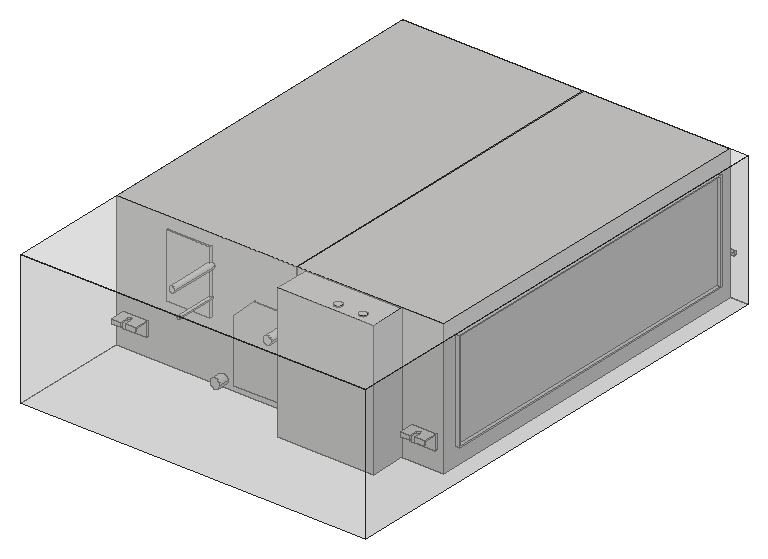
Revit family "outputfile", category 機械設備, Revit 2024
Family settings
  丸型コネクタ寸法 = 半径を使用
  パーツ タイプ = 標準
  OmniClass 番号 = 23.75.10.24.21.27.27
  OmniClass タイトル = Split System Air Conditioning Units
  作業面ベース = いいえ
  常に垂直 = はい
  ロード時にボイドで切り取り = いいえ
  注釈の向きを維持 = いいえ
  共有 = いいえ
  部屋計算ポイント = はい
Parameters (values of type "FXMQ170NVE6")
  製造元 = "Daikin"
  書き出し IFC クラス(タイプ) = "IfcUnitaryEquipmentType"
  定義済み IFC タイプ(タイプ) = "AIRCONDITIONINGUNIT"
  モデル = "FXMQ170NVE6"
  switch_frequency = yes
  lw_suctionflange = 1090 mm
  r_Liquid Pipe Size = Liquid Pipe Size / 2  # 4.75 mm
  r_Gas Pipe Size = Gas Pipe Size / 2  # 9.55 mm
  r_Drain Pipe Size = Drain Pipe Size / 2  # 15.75 mm
  lw_power = 87 mm  # constant formula
  lw_dischargeflange = 947 mm
  lh_power = 443.6 mm  # constant formula
  lh_mountinghole1 = lh_mountinghole + [h***]  # 110 mm
  lh_dischargeflange = 370 mm  # constant formula
  ld_power = 199 mm  # constant formula
  ld_dischargeflange = 30 mm  # constant formula
  connector_voltage = Voltage_50Hz  # 230 V
  connector_powerinput = if([Power Input (Cooling)] > [Power Input (Heating)], [Power Input (Cooling)], [Power Input (Heating)])  # 0.900 kW
  connector_phase = Phase_50Hz  # 1
  Voltage_comment_50Hz = "230"
  Voltage_50Hz = 230 V
  Supply Air Direction [instance] = yes
  Phase_50Hz = 1
  Minimum External Static Pressure = 100.00 Pa
  Minimum Circuit Amps_50Hz = 4.9 A
  Maximum Fuse Amps_50Hz = 15.0 A
  Maximum External Static Pressure = 140.00 Pa
  Material_Casing = DAIKIN_GalvanizedSteel_Casing_indoorunit
  ld_mountinghole = 962 mm  # constant formula
  lh_gaspipe = 96 mm  # constant formula
  lh_mountinghole = 110 mm  # constant formula
  lh_liquidpipe = 191 mm  # constant formula
  lh_drainpipe = 24 mm  # constant formula
  lh_antena = Height - lh_mountinghole + 1 mm  # 336 mm
  ld_drainpipe = 355 mm  # constant formula
  ld_liquidpipe = 317 mm  # constant formula
  ld_gaspipe = 317 mm  # constant formula
  lw_mountinghole = 1244 mm
  h*** = 0 mm  # constant formula
  lw_liquidpipe = 137 mm
  lw_gaspipe = 164 mm
  lw_drainpipe = 33 mm  # constant formula
  Width = 1311 mm
  Version = "ver.1.0"
  Unit Type = "Duct_H.S.P."
  Unit Mass Weight = 110.00 kg
  Unit Designation [instance] = ""
  Uniclass2015Version = "Products v1.30"
  Uniclass2015Title = "Variable refrigerant flow units"
  Uniclass2015Code = "Pr_70_65_03_94"
  Total Heating Capacity [instance] = 0.000 kW
  Total Cooling Capacity [instance] = 0.000 kW
  Sound Pressure Level_L speed (dBA) = 42
  Sound Pressure Level_H speed (dBA) = 45
  Series = "VRV Fan Coil Unit"
  Sensible Cooling Capacity [instance] = 0.000 kW
  SA Duct Size Width = 947 mm
  SA Duct Size Height = 370 mm
  Refrigerant Type = "R410A"
  RA Duct Size Width = 1090 mm
  RA Duct Size Height = 333 mm
  Power Input (Heating) = 0.900 kW
  Power Input (Cooling) = 0.900 kW
  Option Accessory 3 [instance] = ""
  Option Accessory 2 [instance] = ""
  Option Accessory 1 [instance] = ""
  Nominal Heating Capacity = 21.000 kW
  Nominal Cooling Capacity = 19.300 kW
  Minimum Airflow = 3000.00 m³/h
  Median Airflow = 0.00 m³/h
  Maximum Airflow = 3480.00 m³/h
  Load Classification = HVAC
  Liquid Pipe Size = 9.5 mm
  Link_Nested Family [instance] = ""
  IfcVersion = ""
  IfcExportType = "AIRCONDITIONINGUNIT"
  IfcExportAs = "IfcUnitaryEquipmentType"
  Height = 445 mm
  Heating Entering Wet Bulb Temperature [instance] = 0.00 °C
  Heating Entering Dry Bulb Temperature [instance] = 0.00 °C
  Heating Ambient Wet Bulb Temperature [instance] = 0.00 °C
  Heating Ambient Dry Bulb Temperature [instance] = 0.00 °C
  Heat Exchanger Type = "Cross Fin Coil"
  Gas Pipe Size = 19.1 mm
  Frequency_50Hz = 50 Hz
  Fan Type = "Sirocco Fan"
  Fan Drive = "Direct Drive"
  FCU Tag No. [instance] = ""
  Drain Pipe Size = 31.5 mm
  Design Supply Airflow [instance] = 0.00 m³/h
  Design Return Airflow [instance] = 0.00 m³/h
  Design External Static Pressure [instance] = 0.00 Pa
  Depth = 1090 mm
  既定の高さ = 0 mm
  Cooling Entering Wet Bulb Temperature [instance] = 0.00 °C
  Cooling Entering Dry Bulb Temperature [instance] = 0.00 °C
  Cooling Ambient Wet Bulb Temperature [instance] = 0.00 °C
  Cooling Ambient Dry Bulb Temperature [instance] = 0.00 °C
  Clearance visibility [instance] = yes
  Clearance Top = 0 mm
  Clearance Right = 60 mm
  Clearance Rear = 0 mm
  Clearance Left = 0 mm
  Clearance Front = 400 mm
  Clearance Bottom = 0 mm
Reference planes
  plane 1 "Center (Front/Back)": y = 0
  plane 2 "h": z = 0
  plane 3 "Center (Left/Right)": x = 0
  plane 4 "Back": y = 596
  plane 5: y = -596
  plane 6 "Left": x = -545
  plane 7 "Reight": x = 545
  plane 8 "Top": z = 0
  plane 9 "Bottom": z = -445
  plane 10 "ld_mountinghole1": y = 622
  plane 11: y = 596
  plane 12: y = -996
  plane 13: x = -545
  plane 14: x = 605
  plane 15: z = 0
  plane 16: z = -445
  plane 17: x = 55
  plane 18 "ld_mountinghole2": y = -622
  plane 19: x = -481
  plane 20: x = 481
  plane 21: x = -545
  plane 22: x = 545
  plane 23 "Front": y = -715
  plane 24 "lh_mountinghole": z = -335
  plane 25: x = -228
  plane 26: x = -228
  plane 27: x = -190
  plane 28 "lh_liquidpipe": z = -191
  plane 29: z = -96
  plane 30: z = -421
  plane 31: y = -733
  plane 32: y = -760
  plane 33: y = -629
  plane 34: y = -683
  plane 35: x = 346
  plane 36: y = -602
  plane 37: y = -651
  plane 38: z = -38
  plane 39: y = 516.5
  plane 40: z = -50
  plane 41: y = 541
Forms (mm)
  Extrusion 1, solid, material "DAIKIN_GalvanizedSteel_Casing_indoorunit" <- "Material_Casing"
    sketch origin (12.25, -160, 0) x (1, 0, 0) y (0, 1, 0)
      loop
        line (42.75, 756) -> (42.75, -436) -> (532.75, -436) -> (532.75, 756) -> (42.75, 756)
    from -445 to 0
  Extrusion 2, solid, material "DAIKIN_GalvanizedSteel_Casing_indoorunit" <- "Material_Casing"
    sketch origin (115, 9, 0) x (1, 0, 0) y (0, 1, 0)
      loop
        line (-660, 587) -> (-660, -605) -> (-60, -605) -> (-60, 587) -> (-660, 587)
    from -445 to 0
  Extrusion 3, solid, material "DAIKIN_GalvanizedSteel_Casing_indoorunit" <- "Material_Casing"
    sketch origin (0, -900, 0) x (1, 0, 0) y (0, 0, 1)
      loop
        line (87.5, -1.4) -> (87.5, -445) -> (405.5, -445) -> (405.5, -1.4) -> (87.5, -1.4)
    from -304 to -185
  Extrusion 4, solid, material "DAIKIN_GalvanizedSteel_Casing_indoorunit" <- "Material_Casing"
    sketch origin (-1374.64, -596, 1200) x (-1, 0, 0) y (0, 0, 1)
      loop
        circle (-1146.64, -1391) r 4.75
    from 0 to -137
  Extrusion 5, solid, material "DAIKIN_GalvanizedSteel_Casing_indoorunit" <- "Material_Casing"
    sketch origin (-1374.64, -596, 1200) x (-1, 0, 0) y (0, 0, 1)
      loop
        circle (-1146.64, -1296) r 9.55
    from 0 to -164
  Extrusion 6, solid, material "DAIKIN_GalvanizedSteel_Casing_indoorunit" <- "Material_Casing"
    sketch origin (-1374.64, -596, 1200) x (-1, 0, 0) y (0, 0, 1)
      loop
        circle (-1184.64, -1621) r 15.75
    from 0 to -33
  Extrusion 7, solid, material "DAIKIN_GalvanizedSteel_Casing_indoorunit" <- "Material_Casing"
    sketch origin (0, 0, 0) x (1, 0, 0) y (0, 0, 1)
      loop
        line (-373, -38) -> (-373, -250) -> (-228, -250) -> (-228, -38) -> (-373, -38)
    from 596 to 602
  Extrusion 8, solid, material "DAIKIN_GalvanizedSteel_Casing_indoorunit" <- "Material_Casing"
    sketch origin (0, 0, 0) x (1, 0, 0) y (0, 0, 1)
      loop
        line (-84, -152.5) -> (-149, -217.5) -> (-149, -424.5) -> (42.6, -424.5) -> (42.6, -152.5) -> (-84, -152.5)
    from 596 to 602
  Extrusion 9, solid, material "DAIKIN_GalvanizedSteel_Casing_indoorunit" <- "Material_Casing"
    sketch origin (0, 0, 0) x (1, 0, 0) y (0, 0, 1)
      loop
        circle (2, -215) r 13.75
    from 596 to 651
  Extrusion 10, solid, material "DAIKIN_GalvanizedSteel_Casing_indoorunit" <- "Material_Casing"
    sketch origin (0, 0, 0) x (1, 0, 0) y (0, 1, 0)
      loop
        circle (346, -683) r 12.4
      loop
        circle (263, -683) r 12.4
    from -1.4 to -152.5
Cuts and joins
  joined: Extrusion 8, Extrusion 9
  joined: Extrusion 4, Extrusion 5, Extrusion 7
Dimensions and locks
  "Height": plane 8 "Top" to plane 9 "Bottom"
  equal spacing: plane 6 "Left", plane 3 "Center (Left/Right)", plane 7 "Reight"
  "Clearance Left": plane 13 to plane 6 "Left"
  "Clearance Right": plane 7 "Reight" to plane 14
  "Clearance Rear": plane 11 to plane 4 "Back"
  "Clearance Front": plane 5 to plane 12
  "Clearance Top": plane 15 to plane 8 "Top"
  "Clearance Bottom": plane 9 "Bottom" to plane 16
  equal spacing: plane 18 "ld_mountinghole2", plane 1 "Center (Front/Back)", plane 10 "ld_mountinghole1"
  "lw_mountinghole": plane 18 "ld_mountinghole2" to plane 10 "ld_mountinghole1"
  equal spacing: plane 19, plane 3 "Center (Left/Right)", plane 20
  "ld_mountinghole": plane 19 to plane 20
  "Depth": plane 6 "Left" to plane 7 "Reight"
  plane 21 to plane 22 = 1090 mm
  equal spacing: plane 21, plane 3 "Center (Left/Right)", plane 22
  plane 4 "Back" to plane 5 = 1192 mm
  equal spacing: plane 4 "Back", plane 1 "Center (Front/Back)", plane 5
  "lh_mountinghole": plane 24 "lh_mountinghole" to plane 9 "Bottom"
  locked: plane 5 to plane 23 "Front" at 119
  locked: plane 21 to plane 17 at 600
  "ld_liquidpipe": plane 21 to plane 25
  "ld_gaspipe": plane 21 to plane 26
  "ld_drainpipe": plane 21 to plane 27
  "lh_liquidpipe": plane 8 "Top" to plane 28 "lh_liquidpipe"
  "lh_gaspipe": plane 8 "Top" to plane 29
  "lh_drainpipe": plane 30 to plane 9 "Bottom"
  "lw_liquidpipe": plane 5 to plane 31
  "lw_gaspipe": plane 5 to plane 32
  "lw_drainpipe": plane 5 to plane 33
  "lw_power": plane 5 to plane 34
  "ld_power": plane 35 to plane 22
  "Width": plane 4 "Back" to plane 23 "Front"
  locked: plane 8 "Top" to Extrusion 7 sketch curve at 38
  locked: Extrusion 7 sketch curve to Extrusion 7 sketch curve at 212
  locked: plane 26 to Extrusion 7 sketch curve at 145
  locked: plane 5 to plane 36 at 6
  locked: Extrusion 8 sketch curve to plane 9 "Bottom" at 20.5
  locked: Extrusion 8 sketch curve to Extrusion 8 sketch curve at 272
  locked: Extrusion 8 sketch curve to plane 21 at 396
  locked: Extrusion 8 sketch curve to Extrusion 8 sketch curve at 191.6
  locked: plane 8 "Top" to Extrusion 8 sketch curve at 217.5
  locked: Extrusion 8 sketch curve to plane 21 at 461
  locked: Extrusion 3 sketch curve to plane 9 "Bottom" at 443.6
  locked: plane 22 to Extrusion 3 sketch curve at 139.5
  locked: Extrusion 3 sketch curve to Extrusion 3 sketch curve at 318
  locked: plane 5 to plane 37 at 55
  Extrusion 10 sketch curve to Extrusion 10 sketch curve to plane 22 = 83 mm locked, 199 mm locked
  locked: plane 8 "Top" to plane 38 at 38
  locked: plane 4 "Back" to plane 39 at 79.5
  plane 8 "Top" to plane 40 = 50 mm
  locked: plane 4 "Back" to plane 41 at 55
  locked: level to plane 40 at 50
  "r_Liquid Pipe Size": radius of Extrusion 4 sketch curve
  "r_Gas Pipe Size": radius of Extrusion 5 sketch curve
  "r_Drain Pipe Size": radius of Extrusion 6 sketch curve
  aligned and locked: level to plane 2 "h"
  aligned and locked: plane 8 "Top" to Extrusion 1
  aligned and locked: Extrusion 1 to plane 9 "Bottom"
  aligned and locked: nested 2 to plane 12
  aligned and locked: plane 13 to nested 2
  aligned and locked: plane 14 to nested 2
  aligned and locked: nested 2 to plane 13
  aligned and locked: plane 11 to nested 2
  aligned and locked: plane 15 to nested 2
  aligned and locked: plane 16 to nested 2
  aligned and locked: Extrusion 1 to plane 17
  aligned and locked: Extrusion 2 sketch curve to plane 4 "Back"
  aligned and locked: Extrusion 2 sketch curve to plane 17
  aligned and locked: plane 5 to Extrusion 2 sketch curve
  aligned and locked: plane 10 "ld_mountinghole1" to nested 5
  aligned and locked: plane 19 to nested 5
  aligned and locked: nested 4 to plane 18 "ld_mountinghole2"
  aligned and locked: plane 19 to nested 4
  aligned and locked: nested 3 to plane 20
  aligned and locked: nested 3 to plane 18 "ld_mountinghole2"
  aligned and locked: plane 10 "ld_mountinghole1" to nested 6
  aligned and locked: nested 6 to plane 20
  aligned and locked: nested 1 to plane 3 "Center (Left/Right)"
  aligned and locked: plane 1 "Center (Front/Back)" to nested 1
  aligned and locked: level to plane 8 "Top"
  aligned and locked: Extrusion 2 to plane 21
  aligned and locked: plane 22 to Extrusion 1
  aligned and locked: plane 4 "Back" to Extrusion 1
  aligned and locked: Extrusion 1 to plane 5
  aligned and locked: plane 8 "Top" to Extrusion 2
  aligned and locked: plane 5 to Extrusion 3
  aligned and locked: Extrusion 3 to plane 23 "Front"
  aligned and locked: plane 28 "lh_liquidpipe" to Extrusion 4 sketch curve
  aligned and locked: plane 25 to Extrusion 4 sketch curve
  aligned and locked: plane 5 to Extrusion 4
  aligned and locked: Extrusion 4 to plane 31
  aligned and locked: plane 29 to Extrusion 5 sketch curve
  aligned and locked: plane 26 to Extrusion 5 sketch curve
  aligned and locked: Extrusion 5 to plane 32
  aligned and locked: plane 30 to Extrusion 6 sketch curve
  aligned and locked: plane 27 to Extrusion 6 sketch curve
  aligned and locked: plane 5 to Extrusion 5
  aligned and locked: plane 5 to Extrusion 6
  aligned and locked: Extrusion 6 to plane 33
  aligned and locked: plane 25 to nested 7
  aligned and locked: nested 7 to plane 31
  aligned and locked: nested 7 to plane 28 "lh_liquidpipe"
  aligned and locked: plane 26 to nested 8
  aligned and locked: nested 8 to plane 32
  aligned and locked: nested 8 to plane 29
  aligned and locked: plane 27 to nested 9
  aligned and locked: nested 9 to plane 33
  aligned and locked: nested 9 to plane 30
  aligned and locked: plane 35 to nested 10
  aligned and locked: nested 10 to plane 34
  aligned and locked: plane 4 "Back" to nested 11
  aligned and locked: plane 19 to nested 11
  aligned and locked: nested 12 to plane 5
  aligned and locked: plane 20 to nested 12
  aligned and locked: plane 4 "Back" to nested 13
  aligned and locked: nested 13 to plane 20
  aligned and locked: nested 14 to plane 5
  aligned and locked: nested 14 to plane 19
  aligned and locked: Extrusion 2 to Extrusion 1
  aligned and locked: plane 24 "lh_mountinghole" to nested 11
  aligned and locked: plane 24 "lh_mountinghole" to nested 14
  aligned and locked: plane 24 "lh_mountinghole" to nested 12
  aligned and locked: plane 24 "lh_mountinghole" to nested 13
  aligned and locked: Extrusion 7 sketch curve to plane 25
  aligned and locked: plane 5 to Extrusion 7
  aligned and locked: Extrusion 7 to plane 36
  aligned and locked: plane 5 to Extrusion 8
  aligned and locked: Extrusion 8 to plane 36
  aligned and locked: plane 9 "Bottom" to Extrusion 3 sketch curve
  aligned and locked: plane 5 to Extrusion 9
  aligned and locked: Extrusion 9 to plane 37
  aligned and locked: plane 34 to Extrusion 10 sketch curve  (x2)
  aligned and locked: Extrusion 3 to Extrusion 10
  aligned and locked: cut or joined group of Extrusion 8, Extrusion 9 to Extrusion 10
  aligned and locked: nested 10 to plane 9 "Bottom"
  aligned and locked: plane 38 to nested 15
  aligned and locked: nested 15 to plane 39
  aligned and locked: plane 41 to nested 16
  aligned and locked: plane 40 to nested 16
  aligned and locked: nested 15 to plane 21
  aligned and locked: plane 22 to nested 16
Automatic sketch dimensions
  Extrusion 1 sketch curve to plane 5 = 0 mm
  Extrusion 1 sketch curve to plane 17 = 0 mm
  Extrusion 1 sketch curve to plane 7 "Reight" = 0 mm
  Extrusion 1 sketch curve to plane 4 "Back" = 0 mm
  Extrusion 2 sketch curve to plane 6 "Left" = 0 mm
  plane 3 "Center (Left/Right)" to Extrusion 9 sketch curve = 2 mm
  Extrusion 9 sketch curve to plane 28 "lh_liquidpipe" = 24 mm
  radius of Extrusion 10 sketch curve = 12.4 mm  (x2)
  radius of Extrusion 9 sketch curve = 13.75 mm
Nested families
  nested 1: "daikin_△_symbolicline" at (0, 0, 445) x (0, -1, 0) z (0, 0, 1), built-in parameter 1001364 <- "Height", visible <- "Supply Air Direction", type "daikin_△_symbolicline"
    with length 300 mm
  nested 2: "daikin_clearancespace" at (30, -200, -222.381), visible <- "Clearance visibility", show <- "Clearance visibility", Link_Nested Family <- "Link_Nested Family", type "daikin_clearancespace"
    with width 1150 mm, show yes, height 445 mm, depth 1592 mm, Link_Nested Family ""
  nested 3: "daikin_mountinghole" at (481, -622, -445), l_antenna <- "lh_antena", Link_Nested Family <- "Link_Nested Family", h_mountinghole <- "lh_mountinghole1", type "daikin_mountinghole"
    with show yes, l_antenna 336 mm, h_mountinghole 110 mm, Link_Nested Family ""
  nested 4: "daikin_mountinghole" at (-481, -622, -445), l_antenna <- "lh_antena", Link_Nested Family <- "Link_Nested Family", h_mountinghole <- "lh_mountinghole1", type "daikin_mountinghole"
    with show yes, l_antenna 336 mm, h_mountinghole 110 mm, Link_Nested Family ""
  nested 5: "daikin_mountinghole" at (-481, 622, -445), h_mountinghole <- "lh_mountinghole1", l_antenna <- "lh_antena", Link_Nested Family <- "Link_Nested Family", type "daikin_mountinghole"
    with show yes, l_antenna 336 mm, h_mountinghole 110 mm, Link_Nested Family ""
  nested 6: "daikin_mountinghole" at (481, 622, -445), l_antenna <- "lh_antena", Link_Nested Family <- "Link_Nested Family", h_mountinghole <- "lh_mountinghole1", type "daikin_mountinghole"
    with show yes, l_antenna 336 mm, h_mountinghole 110 mm, Link_Nested Family ""
  nested 7: "daikin_connector_rotate2" at (-228, -596, -191), length <- "lw_liquidpipe", radius <- "r_Liquid Pipe Size", type "daikin_connector_rotate2"
    with radius 4.75 mm, length 137 mm, angle_vertical 90.00°, show_face no
  nested 8: "daikin_connector_rotate2" at (-228, -596, -96), length <- "lw_gaspipe", radius <- "r_Gas Pipe Size", type "daikin_connector_rotate2"
    with radius 9.55 mm, length 164 mm, angle_vertical 90.00°, show_face no
  nested 9: "daikin_connector_rotate2" at (-190, -596, -421), length <- "lw_drainpipe", radius <- "r_Drain Pipe Size", type "daikin_connector_rotate2"
    with radius 15.75 mm, length 33 mm, angle_vertical 90.00°, show_face no
  nested 10: "daikin_connector_rotate2" at (346, -683, -445) x (1, 0, 0) z (0, -1, 0), length <- "lh_power", type "daikin_connector_rotate2"
    with radius 10 mm, length 443.6 mm, angle_vertical 270.00°, show_face no
  nested 11: "daikin_hangerfixture_FXMQ-NVE6" at (-481, 596, -335) x (0, 1, 0) z (0, 0, 1), type "daikin_hangerfixture_FXMQ-NVE6"
  nested 12: "daikin_hangerfixture_FXMQ-NVE6" at (481, -596, -335) x (0, -1, 0) z (0, 0, 1), type "daikin_hangerfixture_FXMQ-NVE6"
  nested 13: "daikin_hangerfixture_FXMQ-NVE6" at (481, 596, -335) x (0, 1, 0) z (0, 0, 1), type "daikin_hangerfixture_FXMQ-NVE6"
  nested 14: "daikin_hangerfixture_FXMQ-NVE6" at (-481, -596, -335) x (0, -1, 0) z (0, 0, 1), type "daikin_hangerfixture_FXMQ-NVE6"
  nested 15: "daikin_ductflange_FXMQ-NVE6" at (-545, 43, -408) x (0, -1, 0) z (0, 0, 1), width <- "lw_dischargeflange", depth <- "ld_dischargeflange", height <- "lh_dischargeflange", type "daikin_ductflange_FXMQ-NVE6"
    with width 947 mm, material DAIKIN_GalvanizedSteel_Casing_indoorunit, height 370 mm, depth 30 mm
  nested 16: "daikin_ductflange_FXMQ-NVE6" at (545, -4, -383) x (0, 1, 0) z (0, 0, 1), width <- "lw_suctionflange", type "daikin_ductflange_FXMQ-NVE6"
    with width 1090 mm, material DAIKIN_GalvanizedSteel_Casing_indoorunit, height 333 mm, depth 15 mm
Connectors
  piping at (-228, -733, -191), diameter 9.5, driven by "r_Liquid Pipe Size"
    settings: on nested 7, index 3, connector inside diameter 609.6 mm, connector length 0 mm, flow factor 0, pipe flow 0.00 m³/h, pressure drop 0.0 Pa, fitting loss kfactor 0, connector angle 0.00°, fixture units 0, engagement length 0 mm, angle of deflection 0.00°, flow configuration 1, flow direction 1, fitting loss method 0, system type 29, joint type 0, gender type 0, connector reference index -1, connector utility 0, adjustable connector no, is connector primary yes, connector description "Refrigerant Liquid Piping"
  piping at (-228, -760, -96), diameter 19.1, driven by "r_Gas Pipe Size"
    settings: on nested 8, index 4, connector inside diameter 609.6 mm, connector length 0 mm, flow factor 0, pipe flow 0.00 m³/h, pressure drop 0.0 Pa, fitting loss kfactor 0, connector angle 0.00°, fixture units 0, engagement length 0 mm, angle of deflection 0.00°, flow configuration 1, flow direction 2, fitting loss method 0, system type 29, joint type 0, gender type 0, connector reference index -1, connector utility 0, adjustable connector no, is connector primary no, connector description "Refrigerant Gas Piping"
  piping at (-190, -629, -421), diameter 31.5, driven by "r_Drain Pipe Size"
    settings: on nested 9, index 5, connector inside diameter 609.6 mm, connector length 0 mm, flow factor 0, pipe flow 0.00 m³/h, pressure drop 0.0 Pa, fitting loss kfactor 0, connector angle 0.00°, fixture units 0, engagement length 0 mm, angle of deflection 0.00°, flow configuration 1, flow direction 2, fitting loss method 4, system type 16, joint type 0, gender type 0, connector reference index -1, connector utility 0, adjustable connector no, is connector primary no, connector description "Condensate Drain Piping"
  electrical at (346, -683, -1.4), driven by "Load Classification", driven by "connector_voltage", driven by "connector_phase", driven by "connector_powerinput"
    settings: on nested 10, index 6, voltage 230 V, apparent load 900 VA, apparent load phase1 0 VA, apparent load phase2 0 VA, apparent load phase3 0 VA, power factor 1, load classification "HVAC", number of poles 1, system type 30, power factor state 1, is connector primary yes, connector utility no, sub classification motor no, connector description "Power Supply"
  hvac at (560, -4, -216.5), driven by "RA Duct Size Height", driven by "RA Duct Size Width"
    settings: on nested 16, index 7, duct flow 0.00 m³/h, flow factor 0, pres drop 0.00 Pa, loss coef 0, conn angle 0.00°, conn width 1090.0 mm, conn height 333.0 mm, conn diameter 609.6 mm, duct sys type 2, conn prof type 1, flow config 0, flow direction 1, loss method 4, conn ref index -1, conn util no, is conn primary yes, conn desc "RA Duct"
  hvac at (-575, 43, -223), driven by "SA Duct Size Height", driven by "SA Duct Size Width"
    settings: on nested 15, index 8, duct flow 0.00 m³/h, flow factor 0, pres drop 0.00 Pa, loss coef 0, conn angle 0.00°, conn width 947.0 mm, conn height 370.0 mm, conn diameter 609.6 mm, duct sys type 1, conn prof type 1, flow config 0, flow direction 2, loss method 4, conn ref index -1, conn util no, is conn primary no, conn desc "SA Duct"
Definition of nested family "daikin_clearancespace"
  Parameters (values of type "daikin_clearancespace")
    Description = "daikin_clearancespace"
    width [instance] = 1823.963 mm
    show [instance] = yes
    material = none
    height [instance] = 1359.762 mm
    depth [instance] = 880 mm
    Default Elevation = 0 mm
    Link_Nested Family [instance] = ""
  Reference planes
    plane 1 "Center (Front/Back)": y = 0
    plane 2 "Center (Elevation)": z = -0.119
    plane 3 "Center (Left/Right)": x = 0
    plane 4: y = 440
    plane 5: y = -440
    plane 6 "Right": x = 911.982
    plane 7 "Left": x = -911.982
    plane 8 "Top": z = 679.762
    plane 9 "Bottom": z = -680
  Forms (mm)
    Extrusion 1, solid, material <- "material", visible <- "show"
      sketch origin (0, 0, 0) x (1, 0, 0) y (0, 1, 0)
        loop
          line (-911.982, 440) -> (-911.982, -440) -> (911.982, -440) -> (911.982, 440) -> (-911.982, 440)
      from -680 to 679.762
  Lines and regions (mm)
    symbolic lines, visible <- "show"
      curve 1: line (911.982, 440, 0) -> (-911.982, 440, 0)
      curve 2: line (-911.982, 440, 0) -> (-911.982, -440, 0)
      curve 3: line (-911.982, -440, 0) -> (911.982, -440, 0)
      curve 4: line (911.982, -440, 0) -> (911.982, 440, 0)
      curve 5: line (911.982, 0, 679.762) -> (-911.982, 0, 679.762)
      curve 6: line (911.982, 0, -680) -> (911.982, 0, 679.762)
      curve 7: line (-911.982, 0, -680) -> (911.982, 0, -680)
      curve 8: line (-911.982, 0, 679.762) -> (-911.982, 0, -680)
      curve 9: line (0, 440, 679.762) -> (0, -440, 679.762)
      curve 10: line (0, -440, 679.762) -> (0, -440, -680)
      curve 11: line (0, 440, -680) -> (0, 440, 679.762)
      curve 12: line (0, -440, -680) -> (0, 440, -680)
  Dimensions and locks
    "width": plane 7 "Left" to plane 6 "Right"
    "depth": plane 4 to plane 5
    "height": plane 8 "Top" to plane 9 "Bottom"
    equal spacing: plane 7 "Left", plane 3 "Center (Left/Right)", plane 6 "Right"
    equal spacing: plane 4, plane 1 "Center (Front/Back)", plane 5
    equal spacing: plane 8 "Top", plane 2 "Center (Elevation)", plane 9 "Bottom"
    aligned and locked: level to plane 2 "Center (Elevation)"
    aligned and locked: Extrusion 1 sketch curve to plane 4
    aligned and locked: plane 7 "Left" to Extrusion 1 sketch curve
    aligned and locked: Extrusion 1 sketch curve to plane 5
    aligned and locked: Extrusion 1 sketch curve to plane 6 "Right"
    aligned and locked: plane 8 "Top" to Extrusion 1
    aligned and locked: curve 1 to Extrusion 1
    aligned and locked: curve 2 to Extrusion 1
    aligned and locked: curve 3 to Extrusion 1
    aligned and locked: curve 4 to Extrusion 1
    aligned and locked: curve 5 to Extrusion 1
    aligned and locked: curve 6 to Extrusion 1
    aligned and locked: curve 7 to Extrusion 1
    aligned and locked: curve 8 to Extrusion 1
    aligned and locked: curve 9 to Extrusion 1
    aligned and locked: curve 10 to Extrusion 1
    aligned and locked: curve 11 to Extrusion 1
    aligned and locked: curve 12 to Extrusion 1
    aligned and locked: Extrusion 1 to plane 9 "Bottom"
Definition of nested family "daikin_hangerfixture_FXMQ-NVE6"
  Parameters (values of type "daikin_hangerfixture_FXMQ-NVE6_2")
    width = 51 mm
    material = none
    height = 50 mm
    depth = 80 mm
    Default Elevation = 0 mm
  Reference planes
    plane 1 "Center (Front/Back)": y = 0
    plane 2: z = 0
    plane 3 "Center (Left/Right)": x = 0
    plane 4: z = -3.2
    plane 5: z = -15
    plane 6: x = 51
    plane 7: y = 40
    plane 8: y = -40
    plane 9: y = -43.5
    plane 10: y = 43.5
    plane 11: z = -50
    plane 12: x = 3.2
    plane 13: x = 14
    plane 14: x = 26
    plane 15: x = 47.8
  Forms (mm)
    Extrusion 1, solid, material <- "material"
      sketch origin (0, 0, 0) x (1, 0, 0) y (0, 1, 0)
        loop
          line (0, 40) -> (0, -40) -> (51, -40) -> (51, -7) -> (26, -7)
          arc (26, -7) -> (19, 0) -> (26, 7) r 7
          line (26, 7) -> (51, 7) -> (51, 40) -> (0, 40)
      from -3.2 to 0
    Extrusion 2, solid, material <- "material"
      sketch origin (0, 0, 0) x (0, 1, 0) y (0, 0, 1)
        loop
          line (40, -47) -> (40, 0) -> (-40, 0) -> (-40, -47)
          arc (-40, -47) -> (-39.121, -49.121) -> (-37, -50) r 3
          line (-37, -50) -> (37, -50)
          arc (37, -50) -> (39.121, -49.121) -> (40, -47) r 3
      from 0 to 3.2
    Extrusion 3, solid, material <- "material"
      sketch origin (0, 0, 0) x (0, 1, 0) y (0, 0, 1)
        loop
          line (-7, -12.007) -> (-7, 0) -> (-40, 0) -> (-40, -12.007)
          arc (-40, -12.007) -> (-39.123, -14.123) -> (-37.007, -15) r 2.993
          line (-37.007, -15) -> (-9.993, -15)
          arc (-9.993, -15) -> (-7.877, -14.123) -> (-7, -12.007) r 2.993
        loop
          arc (7, -12.007) -> (7.877, -14.123) -> (9.993, -15) r 2.993
          line (9.993, -15) -> (37.007, -15)
          arc (37.007, -15) -> (39.123, -14.123) -> (40, -12.007) r 2.993
          line (40, -12.007) -> (40, 0) -> (7, 0) -> (7, -12.007)
      from 51 to 47.8
  Cuts and joins
    joined: Extrusion 1, Extrusion 2, Extrusion 3
  Dimensions and locks
    "width": plane 3 "Center (Left/Right)" to plane 6
    "depth": plane 8 to plane 7
    equal spacing: plane 8, plane 1 "Center (Front/Back)", plane 7
    locked: plane 9 to plane 8 at 3.5
    locked: plane 7 to plane 10 at 3.5
    "height": level to plane 11
    locked: plane 12 to plane 3 "Center (Left/Right)" at 3.2
    plane 3 "Center (Left/Right)" to plane 13 = 14 mm
    locked: plane 13 to plane 14 at 12
    locked: plane 2 to plane 4 at 3.2
    locked: plane 6 to plane 15 at 3.2
    locked: plane 2 to plane 5 at 15
    locked: Extrusion 1 sketch curve to plane 1 "Center (Front/Back)" at 7
    locked: plane 1 "Center (Front/Back)" to Extrusion 1 sketch curve at 7
    locked: Extrusion 1 sketch curve to plane 6 at 25
    aligned and locked: level to plane 2
    aligned and locked: level to Extrusion 1
    aligned and locked: Extrusion 1 to plane 4
    aligned and locked: Extrusion 1 sketch curve to plane 3 "Center (Left/Right)"
    aligned and locked: Extrusion 1 sketch curve to plane 6  (x2)
    aligned and locked: level to Extrusion 2 sketch curve
    aligned and locked: plane 12 to Extrusion 2
    aligned and locked: Extrusion 3 sketch curve to level
    aligned and locked: level to Extrusion 3 sketch curve
    aligned and locked: plane 7 to Extrusion 1 sketch curve
    aligned and locked: Extrusion 1 sketch curve to plane 8
    aligned and locked: plane 11 to Extrusion 2 sketch curve
    aligned and locked: plane 6 to cut or joined group of Extrusion 1, Extrusion 2, Extrusion 3
    aligned and locked: cut or joined group of Extrusion 1, Extrusion 2, Extrusion 3 to plane 15
    aligned and locked: Extrusion 3 to plane 5  (x2)
    aligned and locked: Extrusion 3 to Extrusion 1  (x4)
  Automatic sketch dimensions
    plane 7 to Extrusion 2 sketch curve = 3 mm
    Extrusion 2 sketch curve to plane 8 = 3 mm
    Extrusion 2 sketch curve to Extrusion 2 sketch curve = 3 mm
    Extrusion 2 sketch curve to plane 7 = 0 mm
    plane 8 to Extrusion 3 sketch curve = 0 mm
    Extrusion 3 sketch curve to plane 5 = 0 mm  (x2)
    Extrusion 3 sketch curve to plane 8 = 2.993 mm
    plane 5 to Extrusion 3 sketch curve = 2.993 mm  (x2)
    plane 1 "Center (Front/Back)" to Extrusion 3 sketch curve = 9.993 mm
    Extrusion 3 sketch curve to plane 1 "Center (Front/Back)" = 7 mm
    plane 7 to Extrusion 3 sketch curve = 2.993 mm
    plane 7 to Extrusion 3 sketch curve = 0 mm
Definition of nested family "daikin_ductflange_FXMQ-NVE6"
  Parameters (values of type "daikin_ductflange_FDYQN-LCV1")
    width [instance] = 918 mm
    material [instance] = none
    height [instance] = 350 mm
    depth [instance] = 39.25 mm
    Default Elevation = 0 mm
  Reference planes
    plane 1 "Center (Front/Back)": y = 0
    plane 2: z = 0
    plane 3 "Center (Left/Right)": x = 0
    plane 4: y = -39.25
    plane 5: x = -459
    plane 6: x = 459
    plane 7 "Top": z = 350
    plane 8 "Center (Elevation)": z = 175
  Forms (mm)
    Extrusion 1, solid, material <- "material"
      sketch origin (0, 0, 0) x (1, 0, 0) y (0, 0, 1)
        loop
          line (-459, 350) -> (-459, 0) -> (459, 0) -> (459, 350) -> (-459, 350)
        loop
          line (-457, 348) -> (-457, 2) -> (457, 2) -> (457, 348) -> (-457, 348)
      from 0 to 39.25
  Dimensions and locks
    "height": plane 7 "Top" to plane 2
    "width": plane 5 to plane 6
    equal spacing: plane 5, plane 3 "Center (Left/Right)", plane 6
    "depth": plane 1 "Center (Front/Back)" to plane 4
    equal spacing: plane 7 "Top", plane 8 "Center (Elevation)", plane 2
    locked: plane 7 "Top" to Extrusion 1 sketch curve at 2
    locked: Extrusion 1 sketch curve to level at 2
    locked: Extrusion 1 sketch curve to plane 5 at 2
    locked: plane 6 to Extrusion 1 sketch curve at 2
    aligned and locked: level to plane 2
    aligned and locked: Extrusion 1 sketch curve to plane 7 "Top"
    aligned and locked: plane 5 to Extrusion 1 sketch curve
    aligned and locked: Extrusion 1 sketch curve to plane 6
    aligned and locked: plane 2 to Extrusion 1 sketch curve
    aligned and locked: Extrusion 1 to plane 4
Definition of nested family "daikin_△_symbolicline"
  Parameters (values of type "daikin_△_symbolicline")
    length [instance] = 200 mm
    Default Elevation = 0 mm
  Reference planes
    plane 1 "Center (Front/Back)": y = 0
    plane 2: z = 0
    plane 3 "Center (Left/Right)": x = 0
  Lines and regions (mm)
    symbolic lines
      curve 1: line (0, -173.205, 0) -> (100, 0, 0)
      curve 2: line (100, 0, 0) -> (-100, 0, 0)
      curve 3: line (-100, 0, 0) -> (0, -173.205, 0)
  Dimensions and locks
    equal spacing: curve 3, plane 3 "Center (Left/Right)", curve 2
    "length": curve 3 to curve 2
    "length": curve 3 to curve 3
    "length": curve 1 to curve 1
    aligned and locked: level to plane 2
    aligned and locked: curve 2 to plane 1 "Center (Front/Back)"
    aligned and locked: plane 3 "Center (Left/Right)" to curve 3
Definition of nested family "daikin_mountinghole"
  Parameters (values of type "daikin_mountinghole")
    Default Elevation = 1219.2 mm
    Type Comments = "mountinghole"
    show [instance] = yes
    material = none
    l_centerline = 100 mm
    l_antenna [instance] = 100 mm
    h_mountinghole [instance] = 0 mm
    d_circle = 30 mm
    Link_Nested Family [instance] = ""
  Reference planes
    plane 1 "Center (Front/Back)": y = 0
    plane 2: z = 0
    plane 3 "Center (Left/Right)": x = 0
    plane 4: y = 50
    plane 5: x = -50
    plane 6: x = 50
    plane 7: y = -50
    plane 8 "h_mountinghole": z = 0
    plane 9: z = 100
  Lines and regions (mm)
    model lines, detail levels fine
      curve 1: circle (0, 0, 0) r 15 normal (0, 0, 1)
      curve 2: line (-50, 0, 0) -> (50, 0, 0)
      curve 3: line (0, 50, 0) -> (0, -50, 0)
    symbolic lines, detail levels fine
      curve 4: circle (0, 0, 0) r 15 normal (0, 0, 1)
      curve 5: line (-50, 0, 0) -> (50, 0, 0)
      curve 6: line (0, 50, 0) -> (0, -50, 0)
    model lines
      curve 7: line (0, 0, 100) -> (0, 0, 0)
  Dimensions and locks
    equal spacing: plane 4, plane 1 "Center (Front/Back)", plane 7
    "l_centerline": plane 4 to plane 7
    equal spacing: plane 5, plane 3 "Center (Left/Right)", plane 6
    "l_centerline": plane 5 to plane 6
    "l_antenna": plane 9 to plane 8 "h_mountinghole"
    "h_mountinghole": plane 8 "h_mountinghole" to plane 2
    "d_circle": diameter of curve 1
    "d_circle": diameter of curve 4
    aligned and locked: level to plane 2
    aligned and locked: plane 1 "Center (Front/Back)" to curve 1
    aligned and locked: plane 3 "Center (Left/Right)" to curve 1
    aligned and locked: plane 1 "Center (Front/Back)" to curve 2
    aligned and locked: curve 3 to plane 3 "Center (Left/Right)"
    aligned and locked: plane 6 to curve 2
    aligned and locked: plane 5 to curve 2
    aligned and locked: plane 4 to curve 3
    aligned and locked: plane 7 to curve 3
    aligned and locked: plane 1 "Center (Front/Back)" to curve 4
    aligned and locked: plane 3 "Center (Left/Right)" to curve 4
    aligned and locked: plane 6 to curve 5
    aligned and locked: plane 5 to curve 5
    aligned and locked: plane 1 "Center (Front/Back)" to curve 5
    aligned and locked: plane 4 to curve 6
    aligned and locked: plane 7 to curve 6
    aligned and locked: curve 6 to plane 3 "Center (Left/Right)"
    aligned and locked: curve 7 to plane 3 "Center (Left/Right)"
    aligned and locked: plane 9 to curve 7
    aligned and locked: plane 8 "h_mountinghole" to curve 7
Definition of nested family "daikin_connector_rotate2"
  Parameters (values of type "daikin_connector_rotate2")
    show_face = yes
    radius [instance] = 10 mm
    length [instance] = 600 mm
    d_surface = 10 mm
    angle_vertical [instance] = 90.00°
    Default Elevation = 0 mm
  Reference planes
    plane 1 "Center (Front/Back)": y = 0
    plane 2: z = 0
    plane 3 "Center (Left/Right)": x = 0
  Forms (mm)
    Extrusion 1, solid, visible <- "show_face"
      sketch origin (0, -600, 0) x (1, 0, 0) y (0, 0, 1)
        loop
          circle (0, 0) r 10
      from 0 to -10
  Lines and regions (mm)
    reference lines
      curve 1: line (0, 0, 0) -> (0, -600, 0)
    symbolic lines
      curve 2: circle (0, 0, 0) r 5 normal (0, 0, 1)
    model lines, visible <- "show_face"
      curve 3: line (0, 0, 0) -> (0, -600, 0)
  Dimensions and locks
    "length": curve 1 to curve 1
    "length": curve 3 to curve 3
    "d_surface": Extrusion 1 to Extrusion 1
    "radius": radius of Extrusion 1 sketch curve
    "angle_vertical": angle curve 1 to plane 1 "Center (Front/Back)"
    "angle_vertical": angle curve 3 to plane 1 "Center (Front/Back)"
    aligned and locked: level to plane 2
    aligned and locked: plane 1 "Center (Front/Back)" to curve 1
    aligned and locked: plane 2 to curve 1
    aligned and locked: plane 1 "Center (Front/Back)" to curve 2
    aligned and locked: plane 3 "Center (Left/Right)" to curve 2
    aligned and locked: plane 1 "Center (Front/Back)" to curve 3
    aligned and locked: plane 2 to curve 3
    aligned and locked: Extrusion 1 to Extrusion 1
  Automatic sketch dimensions
    Extrusion 1 sketch curve to level = 0 mm
    Extrusion 1 sketch curve to plane 3 "Center (Left/Right)" = 0 mm
    radius of curve 2 = 5 mm
